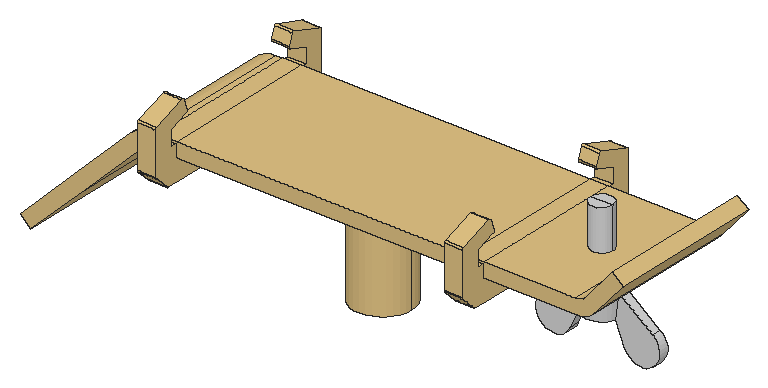
Revit family "CC4_TIE PIECE CC LD_1870101", category Generic Models, Revit 2018
Family settings
  Can host rebar = No
  Round Connector Dimension = Use Diameter
  Part Type = Normal
  OmniClass Number = 35.51.14.00
  OmniClass Title = FORMWORK
  Work Plane-Based = Yes
  Always vertical = No
  Cut with Voids When Loaded = No
  Shared = Yes
  Room Calculation Point = No
Parameters
  VERSION = "20170217"  # constant formula
  URL = "www.ulmaconstruction.com/en"
  UNICLASS = ""
  Manufacturer = "ULMA CONSTRUCTION"  # constant formula
  ITEM_CODE = "1870101"
  FILTER [instance] = ""
  Default Elevation = 0.000 mm
  CLASSIFICATION_TITLE = ""
  CLASSIFICATION_NUMBER = ""
Reference planes
  plane 1 "Centro (Frontal/Posterior)": y = 0
  plane 2: z = 0
  plane 3 "Centro (Izquierda/Derecha)": x = 0
Forms (mm)
  Extrusion 1, solid, material "ULMA BICHROMATE", detail levels medium+fine
    sketch origin (-28.34, 0, -35) x (-1, 0, 0) y (0, 0, 1)
      loop
        line (180.148, -240.642) -> (165.66, -223.376) -> (159.531, -228.519) -> (174.019, -245.785)
        arc (174.019, -245.785) -> (179.514, -250.001) -> (186.276, -251.5) r 16
        line (186.276, -251.5) -> (236.546, -251.5) -> (246.546, -251.5) -> (404.546, -251.5) -> (414.546, -251.5) -> (417.918, -251.5)
        arc (417.918, -251.5) -> (420.98, -252.109) -> (423.575, -253.843) r 8
        line (423.575, -253.843) -> (454.244, -284.512) -> (484.296, -314.564) -> (489.953, -308.907) -> (459.901, -278.855) -> (429.232, -248.186)
        arc (429.232, -248.186) -> (424.041, -244.718) -> (417.918, -243.5) r 16
        line (417.918, -243.5) -> (414.546, -243.5) -> (404.546, -243.5) -> (246.546, -243.5) -> (236.546, -243.5) -> (186.276, -243.5)
        arc (186.276, -243.5) -> (182.895, -242.75) -> (180.148, -240.642) r 8
    from -42.5 to 42.5
  Extrusion 2, solid, material "ULMA BICHROMATE", detail levels fine
    sketch origin (0, 0, -35) x (0, 1, 0) y (0, 0, 1)
      loop
        line (46.5, -236.022) -> (46.5, -244.5) -> (43, -244.5) -> (43, -251.5) -> (-43, -251.5) -> (-43, -244.5) -> (-46.5, -244.5) -> (-46.5, -236.022) -> (-35.944, -232.346)
        arc (-35.944, -232.346) -> (-35.373, -231.837) -> (-35.329, -231.073) r 1
        line (-35.329, -231.073) -> (-37.302, -225.407)
        arc (-37.302, -225.407) -> (-37.811, -224.836) -> (-38.575, -224.791) r 1
        line (-38.575, -224.791) -> (-55.829, -230.8)
        arc (-55.829, -230.8) -> (-56.315, -231.165) -> (-56.5, -231.744) r 1
        line (-56.5, -231.744) -> (-56.5, -255.086)
        arc (-56.5, -255.086) -> (-56.424, -255.468) -> (-56.207, -255.793) r 1
        line (-56.207, -255.793) -> (-48.793, -263.207)
        arc (-48.793, -263.207) -> (-48.468, -263.424) -> (-48.086, -263.5) r 1
        line (-48.086, -263.5) -> (-42.5, -263.5) -> (42.5, -263.5) -> (48.086, -263.5)
        arc (48.086, -263.5) -> (48.468, -263.424) -> (48.793, -263.207) r 1
        line (48.793, -263.207) -> (56.207, -255.793)
        arc (56.207, -255.793) -> (56.424, -255.468) -> (56.5, -255.086) r 1
        line (56.5, -255.086) -> (56.5, -231.744)
        arc (56.5, -231.744) -> (56.315, -231.165) -> (55.829, -230.8) r 1
        line (55.829, -230.8) -> (38.575, -224.791)
        arc (38.575, -224.791) -> (37.811, -224.836) -> (37.302, -225.407) r 1
        line (37.302, -225.407) -> (35.329, -231.073)
        arc (35.329, -231.073) -> (35.373, -231.837) -> (35.944, -232.346) r 1
        line (35.944, -232.346) -> (46.5, -236.022)
    from -274.886 to -264.886
  Extrusion 3, solid, material "ULMA BICHROMATE", detail levels fine
    sketch origin (-168, 0, -35) x (0, 1, 0) y (0, 0, 1)
      loop
        line (46.5, -236.022) -> (46.5, -244.5) -> (43, -244.5) -> (43, -251.5) -> (-43, -251.5) -> (-43, -244.5) -> (-46.5, -244.5) -> (-46.5, -236.022) -> (-35.944, -232.346)
        arc (-35.944, -232.346) -> (-35.373, -231.837) -> (-35.329, -231.073) r 1
        line (-35.329, -231.073) -> (-37.302, -225.407)
        arc (-37.302, -225.407) -> (-37.811, -224.836) -> (-38.575, -224.791) r 1
        line (-38.575, -224.791) -> (-55.829, -230.8)
        arc (-55.829, -230.8) -> (-56.315, -231.165) -> (-56.5, -231.744) r 1
        line (-56.5, -231.744) -> (-56.5, -255.086)
        arc (-56.5, -255.086) -> (-56.424, -255.468) -> (-56.207, -255.793) r 1
        line (-56.207, -255.793) -> (-48.793, -263.207)
        arc (-48.793, -263.207) -> (-48.468, -263.424) -> (-48.086, -263.5) r 1
        line (-48.086, -263.5) -> (-42.5, -263.5) -> (42.5, -263.5) -> (48.086, -263.5)
        arc (48.086, -263.5) -> (48.468, -263.424) -> (48.793, -263.207) r 1
        line (48.793, -263.207) -> (56.207, -255.793)
        arc (56.207, -255.793) -> (56.424, -255.468) -> (56.5, -255.086) r 1
        line (56.5, -255.086) -> (56.5, -231.744)
        arc (56.5, -231.744) -> (56.315, -231.165) -> (55.829, -230.8) r 1
        line (55.829, -230.8) -> (38.575, -224.791)
        arc (38.575, -224.791) -> (37.811, -224.836) -> (37.302, -225.407) r 1
        line (37.302, -225.407) -> (35.329, -231.073)
        arc (35.329, -231.073) -> (35.373, -231.837) -> (35.944, -232.346) r 1
        line (35.944, -232.346) -> (46.5, -236.022)
    from -274.886 to -264.886
  Revolve 4, solid, material "ULMA ZINC", detail levels fine
    sketch origin (0, 0, 0) x (-1, 0, 0) y (0, 0, 1)
      loop
        line (240.116, -296.5) -> (240.116, -256.5) -> (234.116, -256.5) -> (234.116, -310.5) -> (243.616, -310.5) -> (245.452, -296.5) -> (240.116, -296.5)
      axis (234.116, -256.5) -> (234.116, -310.5)
    angle from 0 to 360
  Extrusion 5, solid, material "ULMA BICHROMATE", detail levels medium+fine
    sketch origin (0, 0, 0) x (1, 0, 0) y (0, 1, 0)
      loop
        circle (-353.886, 0) r 16
    from -346.5 to -286.5
  Extrusion 6, solid, material "ULMA ZINC", detail levels fine
    sketch origin (0, 0, 0) x (1, 0, 0) y (0, 0, 1)
      loop
        line (-243.616, -310.5) -> (-245.616, -296.5) -> (-264.15, -310.526)
        arc (-264.15, -310.526) -> (-264.331, -326.334) -> (-248.978, -322.562) r 10
        line (-248.978, -322.562) -> (-243.616, -310.5)
    from -2.5 to 2.5
  Extrusion 7, solid, material "ULMA ZINC", detail levels fine
    sketch origin (-468.232, 0, 0) x (-1, 0, 0) y (0, 0, -1)
      loop
        line (-243.616, 310.5) -> (-248.978, 322.562)
        arc (-248.978, 322.562) -> (-264.331, 326.334) -> (-264.15, 310.526) r 10
        line (-264.15, 310.526) -> (-245.616, 296.5) -> (-243.616, 310.5)
    from -2.5 to 2.5
  Extrusion 8, solid, material "ULMA BICHROMATE", detail levels fine
    sketch origin (0, 0, 0) x (1, 0, 0) y (0, 1, 0)
      loop
        line (-239.181, 9.5) -> (-244.666, 0) -> (-239.181, -9.5) -> (-229.051, -9.5) -> (-223.566, 0) -> (-229.051, 9.5) -> (-239.181, 9.5)
    from -286.5 to -296.5
Lines and regions (mm)
  model lines, style "ULMA TIE PIECE CC LD", detail levels fine
    curve 1: circle (-488.241, 0, -313.855) r 25 normal (0.7071, 0, -0.7071)
    curve 2: circle (-482.584, 0, -319.512) r 25 normal (0.7071, 0, -0.7071)
  model lines, style "ULMA TIE PIECE CC LD", detail levels coarse
    curve 3: line (-518.293, 62.5, 0) -> (-442.886, 62.5, 0)
    curve 4: line (-518.293, -62.5, 0) -> (-518.293, 62.5, 0)
    curve 5: line (-442.886, -62.5, 0) -> (-518.293, -62.5, 0)
    curve 6: line (-442.886, 62.5, 0) -> (-442.886, -62.5, 0)
    curve 7: line (-442.886, 42.5, 0) -> (-187.871, 42.5, 0)
    curve 8: line (-187.871, 42.5, 0) -> (-187.871, -42.5, 0)
    curve 9: line (-187.871, -42.5, 0) -> (-442.886, -42.5, 0)
    curve 10: line (-365.199, 11.314, 0) -> (-342.572, -11.314, 0)
    curve 11: line (-365.199, -11.314, 0) -> (-342.572, 11.314, 0)
Dimensions and locks
  aligned and locked: level to plane 2
